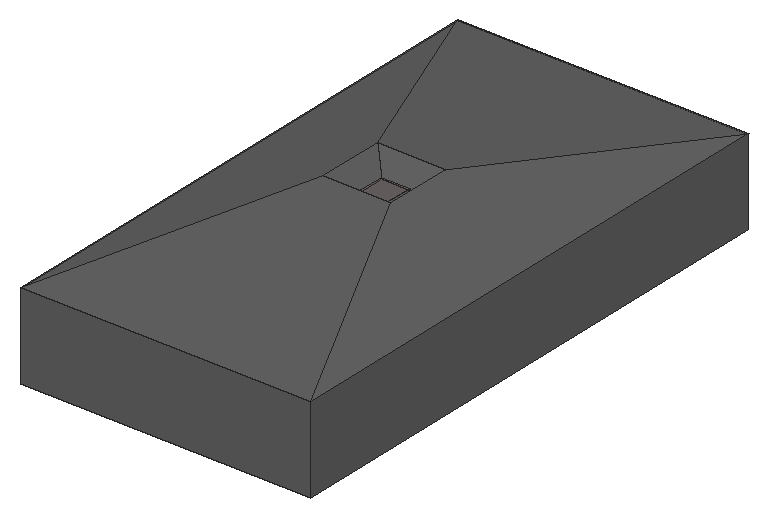
Revit family "Proximity Reader_P-300_Farpointe_R15", category Security Devices, host Face, Revit 2015
Parameters
  Width = 1.7"
  URL - Quick Start Guides [instance] = "http://farpointedata.com/downloads/qsg_and_ref/ProximityReaders_QSG.pdf"
  URL - Mounting Guides Letter Size [instance] = "http://farpointedata.com/downloads/mounting_guides/MountingGuide_P300_Ltr.pdf"
  URL - Mounting Guides A4 Size [instance] = "http://farpointedata.com/downloads/mounting_guides/MountingGuide_P300_A4.pdf"
  URL - Data Sheets [instance] = "http://farpointedata.com/downloads/datasheets/P300_TDS.pdf"
  URL - Bid Specifications [instance] = "http://farpointedata.com/downloads/bid_specs/Farpointe_Pyramid_Specification.docx"
  URL = "http://www.farpointedata.com/"
  Modeled By [instance] = "www.commensestudio.com"
  Model = "P-300"  # constant formula
  Manufacturer = "Farpointe Data"  # constant formula
  LED [instance] = LED
  Height = 3.2"
  Description = "Mullion Mount"  # constant formula
  Depth = 0.7"
  Default Elevation = 48"
  Cover [instance] = Cover
Reference planes (in)
  plane 1 "Center (Front/Back)": y = 0
  plane 2: z = 0
  plane 3 "Center (Left/Right)": x = 0
  plane 4: x = -0.85
  plane 5: x = 0.85
  plane 6: y = 1.6
  plane 7: y = -1.6
  plane 8: z = 0.7
Forms (in)
  Extrusion 1, solid, material "Cover" <- "Cover"
    sketch origin (0, 0, 0) x (1, 0, 0) y (0, 1, 0)
      loop
        line (-0.85, -1.6) -> (0.85, -1.6) -> (0.85, 1.6) -> (-0.85, 1.6) -> (-0.85, -1.6)
    from 0 to 0.5
  Blend 2, solid, material "Cover" <- "Cover"
    base sketch origin (0, 0, 0) x (1, 0, 0) y (0, 1, 0)
      loop
        line (-0.85, 1.6) -> (-0.85, -1.6) -> (0.85, -1.6) -> (0.85, 1.6) -> (-0.85, 1.6)
    top sketch origin (0, 0, 0) x (1, 0, 0) y (0, 1, 0)
      loop
        line (-0.19907, -0.19907) -> (0.19907, -0.19907) -> (0.19907, 0.19907) -> (-0.19907, 0.19907) -> (-0.19907, -0.19907)
    from 0.5 to 0.7
  Extrusion 3, solid, material "LED" <- "LED"
    sketch origin (0, 0, 0) x (1, 0, 0) y (0, 1, 0)
      loop
        line (0.085, -0.085) -> (0.085, 0.085) -> (-0.085, 0.085) -> (-0.085, -0.085) -> (0.085, -0.085)
    from 0.5 to 0.61
  Blend 4, void
    base sketch origin (0, 0, 0) x (1, 0, 0) y (0, 1, 0)
      loop
        line (-0.085, 0.085) -> (-0.085, -0.085) -> (0.085, -0.085) -> (0.085, 0.085) -> (-0.085, 0.085)
    top sketch origin (0, 0, 0) x (1, 0, 0) y (0, 1, 0)
      loop
        line (-0.19907, 0.19907) -> (-0.19907, -0.19907) -> (0.19907, -0.19907) -> (0.19907, 0.19907) -> (-0.19907, 0.19907)
    from 0.6 to 0.7
Cuts and joins
  Blend 4 cuts Blend 2
Dimensions and locks (in)
  equal spacing: plane 7, plane 1 "Center (Front/Back)", plane 6
  equal spacing: plane 4, plane 3 "Center (Left/Right)", plane 5
  "Height": plane 7 to plane 6
  "Width": plane 4 to plane 5
  "Depth": plane 8 to level
  aligned and locked: plane 2 to host face
  aligned and locked: level to host face
Automatic sketch dimensions
  host sketch curve to host sketch curve = 96"  (x2)
  Extrusion 1 sketch curve to plane 4 = 0"
  Extrusion 1 sketch curve to plane 5 = 0"
  plane 7 to Extrusion 1 sketch curve = 0"
  plane 6 to Extrusion 1 sketch curve = 0"
  Blend 2 sketch curve to plane 4 = 0"
  Blend 2 sketch curve to plane 5 = 0"
  plane 7 to Blend 2 sketch curve = 0"
  plane 6 to Blend 2 sketch curve = 0"
  Extrusion 3 sketch curve to plane 3 "Center (Left/Right)" = 0.085"
  plane 3 "Center (Left/Right)" to Extrusion 3 sketch curve = 0.085"
  plane 1 "Center (Front/Back)" to Extrusion 3 sketch curve = 0.085"
  Extrusion 3 sketch curve to plane 1 "Center (Front/Back)" = 0.085"
  Blend 4 sketch curve to plane 3 "Center (Left/Right)" = 0.085"
  plane 3 "Center (Left/Right)" to Blend 4 sketch curve = 0.085"
  plane 1 "Center (Front/Back)" to Blend 4 sketch curve = 0.085"
  Blend 4 sketch curve to plane 1 "Center (Front/Back)" = 0.085"
  Blend 4 sketch curve to plane 3 "Center (Left/Right)" = 0.19907"
  plane 3 "Center (Left/Right)" to Blend 4 sketch curve = 0.19907"
  plane 1 "Center (Front/Back)" to Blend 4 sketch curve = 0.19907"
  Blend 4 sketch curve to plane 1 "Center (Front/Back)" = 0.19907"
  Blend 2 sketch curve to plane 3 "Center (Left/Right)" = 0.19907"
  Blend 2 sketch curve to plane 1 "Center (Front/Back)" = 0.19907"
  plane 3 "Center (Left/Right)" to Blend 2 sketch curve = 0.19907"
  plane 1 "Center (Front/Back)" to Blend 2 sketch curve = 0.19907"
Connectors (in)
  electrical at (0, 0, 0)
    settings: index 3, voltage 0 V, apparent load 0 VA, apparent load phase1 0 VA, apparent load phase2 0 VA, apparent load phase3 0 VA, power factor 1, load classification "Other", number of poles 1, system type 10, power factor state 1, is connector primary yes, connector utility no, sub classification motor no, connector description ""
